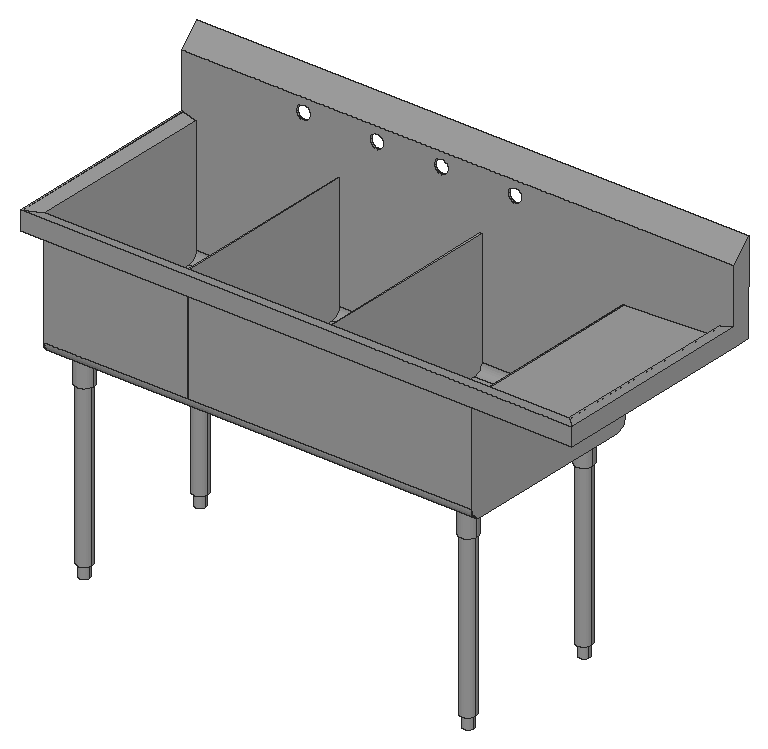
Revit family "equip-sink-elkay-Sturdibilt-TPL-DB-R", category Plumbing Fixtures, Revit 2019
Family settings
  Round Connector Dimension = Use Diameter
  Part Type = Normal
  Work Plane-Based = No
  Always vertical = Yes
  Cut with Voids When Loaded = No
  Shared = No
  Room Calculation Point = No
Parameters (values of type "ByType")
  Width = 2' - 0"
  URL = "http://www.elkayusa.com/cps/rde/xchg/elkay/hs.xsl/Default.aspx"
  Specification URL = "http://www.elkayusa.com/cps/rde/xbcr/elkay/04-04F_STURDIBILT_SCULLERY_TRIPLE.pdf"
  Model Number = " "
  Model = "Sturdibilt"
  Manufacturer = "Elkay Manufacturer"
  Length = 5' - 0"
  Hidden Width = if(Compartment Width > 0' 11", Width, (Backsplash Width + Sink Rim Front Width + Compartment Width))  # 2' - 0"
  Sink Rim Side Right Width = 0' - 1 1/2"  # constant formula
  Sink Material = Metal - Steel - Stainless - Chrome
  Sink Rim Side Left Width = 0' - 1 1/2"  # constant formula
  Hidden Compartment Width = Width - Sink Rim Front Width - Backsplash Width  # 1' - 8 1/2"
  Hidden Compartment Length = (Length - Drainboard Right) / 3  # 1' - 4"
  Drainboard Right = 1' - 0"
  Description = "Sturdibilt Triple Compartment Scullery Sinks, Drainboard Right"
  Compartment Length = if(Hidden Compartment Length > 0' 8 1/2", Hidden Compartment Length, 0' 8 1/2")  # 1' - 4"
  Hidden Length = if(Compartment Length > 0' 8 1/2", Length, (Drainboard Right + (Compartment Length * 3)))  # 5' - 0"
  Hidden Drainboard Right = if(Drainboard Right > 0' 2", Drainboard Right, 0' 2")  # 1' - 0"
  Sink Rim Front Width = 0' - 1 1/2"  # constant formula
  Backsplash Width = 0' - 2"  # constant formula
  Sink Drain Location = Compartment Width / 2  # 0' - 10 1/4"
  Compartment Depth = 1' - 2"
  Compartment Width = if(Hidden Compartment Width > 0' 11", Hidden Compartment Width, 0' 11")  # 1' - 8 1/2"
  Rim Height = 3' - 0"
  Hole 3 to 4 = 0' - 8"
  Hole 2 to 3 = 0' - 7"
  Hole 1 to 2 = 0' - 8"
  Hole 1 From CL = 0' - 11 1/2"
  Faucet CL from Top Backsplash = 0' - 3 1/2"
  Backsplash Height = 0' - 8"
Reference planes (in)
  plane 1 "CL Sink Hole": y = 0
  plane 2 "Bottom": z = 0
  plane 3 "Center (Left/Right)": x = 0
  plane 4 "Basin Edge Left": x = -23.25
  plane 5 "Basin Edge Right": x = 23.25
  plane 6 "Basin Edge Back": y = 10.25
  plane 7 "Basin Edge Front": y = -10.25
  plane 8 "Left": x = -24.75
  plane 9 "Right": x = 35.25
  plane 10 "Back": y = 12.25
  plane 11 "Front": y = -11.75
  plane 12 "Sink Bowl Bottom (Top Face)": z = 22
  plane 13 "Sink Bowl Bottom (Bottom Face)": z = 21.875
  plane 14 "Sink Bottom Piece Back Edge": y = 9.25
  plane 15 "Sink Bottom Piece Front Edge": y = -9.25
  plane 16 "Center (Front/Back)": y = 0
  plane 17 "Sink Rim Top": z = 36
  plane 18 "Sink Bowl Bottom Radius Top Tangent": z = 23
  plane 19 "Sink Rim Inside Lower Edge": z = 35.59808
  plane 20: z = 44
  plane 21 "Backsplash Angle": z = 42
  plane 22 "Backsplash Side Piece Front": y = 10.375
  plane 23 "Backsplash Side Piece Top": z = 43.82322
  plane 24 "Backsplash Side Piece Angle": z = 41.94822
  plane 25 "Backsplash Side Piece Bottom": z = 34
  plane 26 "Backsplash Side Right Piece Inside Edge": x = 35.1875
  plane 27 "Backsplash Side Left Piece Inside Edge": x = -24.6875
  plane 28 "Basin Edge Right Outside Face": x = 23.3125
  plane 29 "Basin Edge Left Outside Face": x = -23.3125
  plane 30 "Faucet Hole CL Elev": z = 40.5
  plane 31 "CL Faucet Hole Left": x = -11.5
  plane 32 "CL Faucet Hole Right": x = -3.5
  plane 33 "Leg Left CL": x = -20.875
  plane 34 "Leg Front CL": y = -7.875
  plane 35: z = 18.825
  plane 36: z = 1.3125
  plane 37 "Leg Right CL": x = 20.875
  plane 38 "Leg Back CL": y = 7.875
  plane 39 "Sink Rim Inside Edge Right": x = 33.75
  plane 40 "Drainboard Lower Top Face": z = 34
  plane 41 "Drainboard Upper Top Face": z = 34.5
  plane 42 "Sink Drain Left CL": x = -15.5
  plane 43 "Partition Edge Left": x = -7.82422
  plane 44 "Partition Edge Right": x = -7.67578
  plane 45 "Sink Drain Right CL": x = 15.5
  plane 46 "Partition Top": z = 35.47
  plane 47 "Partition Left CL": x = -7.75
  plane 48 "Partition Right CL": x = 7.75
  plane 49 "Partition Right - Left Edge": x = 7.675
  plane 50 "Partition Right - Right Edge": x = 7.825
  plane 51 "CL Faucet Hole2 Left": x = 3.5
  plane 52 "CL Faucet Hole2 Right": x = 11.5
  plane 53 "Basin Edge Front Outside": y = -10.375
  plane 54 "Basin Edge Back Outside": y = 10.375
Forms (in)
  Sweep 1, solid, material "Metal - Steel - Stainless - Chrome" <- "Sink Material"
    path origin (0, 0, 36) x (0, -1, 0) y (1, 0, 0)
      loop
        line (11.75, 23.25) -> (11.75, -24.75) -> (-10.375, -24.75)
    profile "profile-weldbilt-rim : profile-weldbilt-rim" origin (-24.75, -0.6875, 36) x (-1, 0, 0) y (0, 0, 1)
      loop
        line (-1.5, -0.40192) -> (-1.41389, -0.45164) -> (-0.07031, -0.09163) -> (-0.07031, -1.94605) -> (-0.42259, -2.04044) -> (-0.42259, -2.11323) -> (0, -2) -> (0, 0) -> (-1.5, -0.40192)
  Extrusion 2, solid, material "Metal - Steel - Stainless - Chrome" <- "Sink Material"
    sketch origin (0, 0, 0) x (0, 1, 0) y (0, 0, 1)
      loop
        line (-10.375, 35.59808) -> (-10.375, 23)
        arc (-10.375, 23) -> (-10.0455, 22.2045) -> (-9.25, 21.875) r 1.125
        line (-9.25, 21.875) -> (9.25, 21.875)
        arc (9.25, 21.875) -> (10.0455, 22.2045) -> (10.375, 23) r 1.125
        line (10.375, 23) -> (10.375, 34) -> (10.25, 34) -> (10.25, 23)
        arc (10.25, 23) -> (9.95711, 22.29289) -> (9.25, 22) r 1
        line (9.25, 22) -> (-9.25, 22)
        arc (-9.25, 22) -> (-9.95711, 22.29289) -> (-10.25, 23) r 1
        line (-10.25, 23) -> (-10.25, 35.59808) -> (-10.375, 35.59808)
    from -23.25 to 23.25
  Extrusion 3, solid, material "Metal - Steel - Stainless - Chrome" <- "Sink Material"
    sketch origin (0, 0, 0) x (0, 1, 0) y (0, 0, 1)
      loop
        line (10.25, 42) -> (10.25, 34) -> (10.375, 34) -> (10.375, 41.94822) -> (12.25, 43.82322) -> (12.25, 44) -> (10.25, 42)
    from -24.75 to 35.25
  Extrusion 4, solid, material "Metal - Steel - Stainless - Chrome" <- "Sink Material"
    sketch origin (35.25, 0, 0) x (0, 1, 0) y (0, 0, 1)
      loop
        line (12.25, 43.82322) -> (10.375, 41.94822) -> (10.375, 34) -> (12.25, 34) -> (12.25, 43.82322)
    from -0.0625 to 0
  Extrusion 5, solid, material "Metal - Steel - Stainless - Chrome" <- "Sink Material"
    sketch origin (-18, 0, 0) x (0, 1, 0) y (0, 0, 1)
      loop
        line (12.25, 43.82322) -> (10.375, 41.94822) -> (10.375, 34) -> (12.25, 34) -> (12.25, 43.82322)
    from -6.75 to -6.6875
  Extrusion 6, solid, material "Metal - Steel - Stainless - Chrome" <- "Sink Material"
    sketch origin (23.25, 0, 0) x (0, 1, 0) y (0, 0, 1)
      loop
        line (-10.375, 34) -> (-10.375, 23)
        arc (-10.375, 23) -> (-10.0455, 22.2045) -> (-9.25, 21.875) r 1.125
        line (-9.25, 21.875) -> (9.25, 21.875)
        arc (9.25, 21.875) -> (10.0455, 22.2045) -> (10.375, 23) r 1.125
        line (10.375, 23) -> (10.375, 34) -> (-10.375, 34)
    from 0 to 0.0625
  Extrusion 7, solid, material "Metal - Steel - Stainless - Chrome" <- "Sink Material"
    sketch origin (-23.25, 0, 0) x (0, 1, 0) y (0, 0, 1)
      loop
        line (10.375, 35.59808) -> (-10.375, 35.59808) -> (-10.375, 23)
        arc (-10.375, 23) -> (-10.0455, 22.2045) -> (-9.25, 21.875) r 1.125
        line (-9.25, 21.875) -> (9.25, 21.875)
        arc (9.25, 21.875) -> (10.0455, 22.2045) -> (10.375, 23) r 1.125
        line (10.375, 23) -> (10.375, 35.59808)
    from -0.0625 to 0
  Extrusion 8, void
    sketch origin (0, 0, 0) x (1, 0, 0) y (0, 0, 1)
      loop
        circle (-11.5, 40.5) r 0.75
    from -10.375 to -10.25
  Extrusion 9, void
    sketch origin (0, 0, 0) x (1, 0, 0) y (0, 0, 1)
      loop
        circle (-3.5, 40.5) r 0.75
    from -10.375 to -10.25
  Extrusion 10, void
    sketch origin (-45.27944, 78.60934, 0) x (1, 0, 0) y (0, 1, 0)
      loop
        circle (29.77944, -78.60934) r 2.375
    from 21.875 to 22
  Revolve 11, solid, material "Metal - Steel - Stainless - Chrome" <- "Sink Material"
    sketch origin (0, -7.875, 0) x (-1, 0, 0) y (0, 0, 1)
      loop
        line (21.6875, 18.825) -> (21.845, 18.825) -> (21.845, 21.875) -> (20.875, 21.875) -> (20.875, 0) -> (21.4375, 0) -> (21.4375, 1.3125) -> (21.6875, 1.3125) -> (21.6875, 18.825)
      axis (20.875, 21.875) -> (20.875, 0)
    angle from 0 to 360
  Revolve 12, solid, material "Metal - Steel - Stainless - Chrome" <- "Sink Material"
    sketch origin (0, -7.875, 0) x (-1, 0, 0) y (0, 0, 1)
      loop
        line (-21.6875, 18.825) -> (-21.6875, 1.3125) -> (-21.4375, 1.3125) -> (-21.4375, 0) -> (-20.875, 0) -> (-20.875, 21.875) -> (-21.845, 21.875) -> (-21.845, 18.825) -> (-21.6875, 18.825)
      axis (-20.875, 21.875) -> (-20.875, 0)
    angle from 0 to 360
  Revolve 13, solid, material "Metal - Steel - Stainless - Chrome" <- "Sink Material"
    sketch origin (0, 7.875, 0) x (-1, 0, 0) y (0, 0, 1)
      loop
        line (-21.6875, 18.825) -> (-21.6875, 1.3125) -> (-21.4375, 1.3125) -> (-21.4375, 0) -> (-20.875, 0) -> (-20.875, 21.875) -> (-21.845, 21.875) -> (-21.845, 18.825) -> (-21.6875, 18.825)
      axis (-20.875, 21.875) -> (-20.875, 0)
    angle from 0 to 360
  Revolve 14, solid, material "Metal - Steel - Stainless - Chrome" <- "Sink Material"
    sketch origin (0, 7.875, 0) x (-1, 0, 0) y (0, 0, 1)
      loop
        line (20.0625, 18.825) -> (20.0625, 1.3125) -> (20.3125, 1.3125) -> (20.3125, 0) -> (20.875, 0) -> (20.875, 21.875) -> (19.905, 21.875) -> (19.905, 18.825) -> (20.0625, 18.825)
      axis (20.875, 21.875) -> (20.875, 0)
    angle from 0 to 360
  Sweep 15, solid, material "Metal - Steel - Stainless - Chrome" <- "Sink Material"
    path origin (0, 0, 22) x (-1, 0, 0) y (0, -1, 0)
      loop
        circle (15.5, 0) r 2.375
    profile "profile-elkay-sink-hole-1 : profile-elkay-sink-hole-1" origin (-15.5, -2.375, 22) x (0, 1, 0) y (0, 0, 1)
      loop
        arc (0.10775, -0.05529) -> (0.06053, -0.01467) -> (0, 0) r 0.133
        line (0, 0) -> (0, -0.07422)
        arc (0, -0.07422) -> (0.0267, -0.08072) -> (0.04752, -0.09865) r 0.05878
        line (0.04752, -0.09865) -> (0.12152, -0.20143) -> (0.5715, -0.40832) -> (0.5715, -0.32577) -> (0.16939, -0.14089) -> (0.10775, -0.05529)
  Extrusion 16, solid, material "Metal - Steel - Stainless - Chrome" <- "Sink Material"
    sketch origin (0, 0, 0) x (1, 0, 0) y (0, 0, 1)
      loop
        line (23.25, 34) -> (23.25, 33.9257) -> (33.75, 34.4257) -> (33.75, 34.5) -> (23.25, 34)
    from -10.25 to 10.25
  Sweep 17, solid, material "Metal - Steel - Stainless - Chrome" <- "Sink Material"
    path origin (0, 0, 36) x (0, -1, 0) y (1, 0, 0)
      loop
        line (11.75, 23.25) -> (11.75, 35.25) -> (-10.25, 35.25)
    profile "profile-weldbilt-rim-db : profile-weldbilt-rim-db" origin (29.25, -11.75, 36) x (0, 1, 0) y (0, 0, 1)
      loop
        line (1.5, -0.40192) -> (0, 0) -> (0, -2) -> (0.42259, -2.11323) -> (0.42259, -2.04044) -> (0.07031, -1.94605) -> (0.07031, -0.09163) -> (1.4375, -0.45797) -> (1.4375, -2) -> (1.5, -2) -> (1.5, -0.40192)
  Extrusion 18, void
    sketch origin (0, 0, 0) x (1, 0, 0) y (0, 1, 0)
      loop
        circle (15.5, 0) r 2.375
    from 21.875 to 22
  Sweep 19, solid, material "Metal - Steel - Stainless - Chrome" <- "Sink Material"
    path origin (0, 0, 22) x (-1, 0, 0) y (0, -1, 0)
      loop
        circle (-15.5, 0) r 2.375
    profile "profile-elkay-sink-hole-1 : profile-elkay-sink-hole-1" origin (15.5, -2.375, 22) x (0, 1, 0) y (0, 0, 1)
      loop
        arc (0.10775, -0.05529) -> (0.06053, -0.01467) -> (0, 0) r 0.133
        line (0, 0) -> (0, -0.07422)
        arc (0, -0.07422) -> (0.0267, -0.08072) -> (0.04752, -0.09865) r 0.05878
        line (0.04752, -0.09865) -> (0.12152, -0.20143) -> (0.5715, -0.40832) -> (0.5715, -0.32577) -> (0.16939, -0.14089) -> (0.10775, -0.05529)
  Extrusion 20, solid, material "Metal - Steel - Stainless - Chrome" <- "Sink Material"
    sketch origin (0, 0, 0) x (0, 1, 0) y (0, 0, 1)
      loop
        line (-10.25, 35.47) -> (-10.25, 23)
        arc (-10.25, 23) -> (-9.95711, 22.29289) -> (-9.25, 22) r 1
        line (-9.25, 22) -> (9.25, 22)
        arc (9.25, 22) -> (9.95711, 22.29289) -> (10.25, 23) r 1
        line (10.25, 23) -> (10.25, 35.47) -> (-10.25, 35.47)
    from -7.82422 to -7.67578
  Extrusion 21, void
    sketch origin (0, 0, 0) x (1, 0, 0) y (0, 1, 0)
      loop
        circle (0, 0) r 2.375
    from 21.875 to 22
  Sweep 22, solid, material "Metal - Steel - Stainless - Chrome" <- "Sink Material"
    path origin (0, 0, 22) x (-1, 0, 0) y (0, -1, 0)
      loop
        circle (0, 0) r 2.375
    profile "profile-elkay-sink-hole-1 : profile-elkay-sink-hole-1" origin (0, -2.375, 22) x (0, 1, 0) y (0, 0, 1)
      loop
        arc (0.10775, -0.05529) -> (0.06053, -0.01467) -> (0, 0) r 0.133
        line (0, 0) -> (0, -0.07422)
        arc (0, -0.07422) -> (0.0267, -0.08072) -> (0.04752, -0.09865) r 0.05878
        line (0.04752, -0.09865) -> (0.12152, -0.20143) -> (0.5715, -0.40832) -> (0.5715, -0.32577) -> (0.16939, -0.14089) -> (0.10775, -0.05529)
  Extrusion 23, solid, material "Metal - Steel - Stainless - Chrome" <- "Sink Material"
    sketch origin (0, 0, 0) x (0, 1, 0) y (0, 0, 1)
      loop
        line (-10.25, 35.47) -> (-10.25, 23)
        arc (-10.25, 23) -> (-9.95711, 22.29289) -> (-9.25, 22) r 1
        line (-9.25, 22) -> (9.25, 22)
        arc (9.25, 22) -> (9.95711, 22.29289) -> (10.25, 23) r 1
        line (10.25, 23) -> (10.25, 35.47) -> (-10.25, 35.47)
    from 7.675 to 7.825
  Extrusion 24, void
    sketch origin (0, 0, 0) x (1, 0, 0) y (0, 0, 1)
      loop
        circle (3.5, 40.5) r 0.75
    from -10.375 to -10.25
  Extrusion 25, void
    sketch origin (0, 0, 0) x (1, 0, 0) y (0, 0, 1)
      loop
        circle (11.5, 40.5) r 0.75
    from -10.375 to -10.25
Cuts and joins
  Extrusion 10, Extrusion 18, Extrusion 21 cuts Extrusion 2
  Extrusion 8, Extrusion 9, Extrusion 24, Extrusion 25 cuts Extrusion 3
  Extrusion 10 cuts Extrusion 6
  joined: Sweep 1, Extrusion 2, Extrusion 3, Extrusion 4, Extrusion 5, Extrusion 6, Extrusion 7, Sweep 15, Sweep 17, Sweep 19, Sweep 22
Lines and regions (in)
  Masking region 1
    outline origin (0, 0, 0) x (1, 0, 0) y (0, 1, 0)
      loop
        line (-24.75, 12.25) -> (-24.75, -11.75) -> (35.25, -11.75) -> (35.25, 12.25) -> (-24.75, 12.25)
  reference lines
    curve 1: arc (0, -9.25, 22) -> (0, -9.95711, 22.29289) -> (0, -10.25, 23) r 1
    curve 2: arc (0, 10.25, 23) -> (0, 9.95711, 22.29289) -> (0, 9.25, 22) r 1
    curve 3: line (-20.875, -7.875, 21.875) -> (-20.875, -7.875, 0)
    curve 4: line (20.875, -7.875, 22) -> (20.875, -7.875, 0)
    curve 5: line (20.875, 7.875, 21.875) -> (20.875, 7.875, 0)
    curve 6: line (-20.875, 7.875, 21.875) -> (-20.875, 7.875, 0)
    curve 13: line (23.25, 0, 34) -> (33.75, 0, 34.5)
    curve 14: line (23.25165, 0, 33.92578) -> (33.75165, 0, 34.42578)
    curve 26: arc (0, 10.375, 23) -> (0, 10.0455, 22.2045) -> (0, 9.25, 21.875) r 1.125
    curve 27: arc (0, -10.375, 23) -> (0, -10.0455, 22.2045) -> (0, -9.25, 21.875) r 1.125
  symbolic lines
    curve 7: line (-24.75, 10.25, 0) -> (35.25, 10.25, 0)
    curve 8: line (-23.25, -10.25, 0) -> (-23.25, 10.25, 0)
    curve 9: line (33.75, -10.25, 0) -> (-23.25, -10.25, 0)
    curve 10: line (23.25, 10.25, 0) -> (23.25, -10.25, 0)
    curve 11: line (-23.25, -10.25, 0) -> (-24.75, -11.75, 0)
    curve 12: line (35.25, -11.75, 0) -> (33.75, -10.25, 0)
    curve 15: line (33.75, -10.25, 0) -> (33.75, 10.25, 0)
    curve 16: circle (-15.5, 0, 0) r 2.375 normal (0, 0, 1)
    curve 17: circle (-15.5, 0, 0) r 1.75 normal (0, 0, 1)
    curve 18: circle (15.5, 0, 0) r 2.375 normal (0, 0, 1)
    curve 19: circle (15.5, 0, 0) r 1.75 normal (0, 0, 1)
    curve 20: line (-7.82422, 10.25, 0) -> (-7.82422, -10.25, 0)
    curve 21: line (-7.67578, 10.25, 0) -> (-7.67578, -10.25, 0)
    curve 22: circle (0, 0, 0) r 2.375 normal (0, 0, 1)
    curve 23: circle (0, 0, 0) r 1.75 normal (0, 0, 1)
    curve 24: line (7.675, -10.25, 0) -> (7.675, 10.25, 0)
    curve 25: line (7.825, 10.25, 0) -> (7.825, -10.25, 0)
Dimensions and locks (in)
  equal spacing: plane 4 "Basin Edge Left", plane 3 "Center (Left/Right)", plane 5 "Basin Edge Right"
  "Sink Rim Side Left Width": plane 8 "Left" to plane 4 "Basin Edge Left"
  "Hidden Drainboard Right": plane 5 "Basin Edge Right" to plane 9 "Right"
  "Hidden Length": plane 8 "Left" to plane 9 "Right"
  "Sink Drain Location": plane 6 "Basin Edge Back" to plane 1 "CL Sink Hole"
  "Backsplash Width": plane 10 "Back" to plane 6 "Basin Edge Back"
  "Sink Rim Front Width": plane 7 "Basin Edge Front" to plane 11 "Front"
  "Hidden Width": plane 10 "Back" to plane 11 "Front"
  locked: plane 15 "Sink Bottom Piece Front Edge" to plane 7 "Basin Edge Front" at 1
  locked: plane 6 "Basin Edge Back" to plane 14 "Sink Bottom Piece Back Edge" at 1
  plane 6 "Basin Edge Back" to plane 7 "Basin Edge Front" = 1' - 8 1/2"
  equal spacing: plane 6 "Basin Edge Back", plane 16 "Center (Front/Back)", plane 7 "Basin Edge Front"
  "Compartment Depth": plane 17 "Sink Rim Top" to plane 12 "Sink Bowl Bottom (Top Face)"
  "Rim Height": plane 17 "Sink Rim Top" to plane 2 "Bottom"
  locked: plane 18 "Sink Bowl Bottom Radius Top Tangent" to plane 12 "Sink Bowl Bottom (Top Face)" at 1
  locked: plane 17 "Sink Rim Top" to plane 19 "Sink Rim Inside Lower Edge" at 0.40192
  "Backsplash Height": plane 20 to plane 17 "Sink Rim Top"
  locked: plane 20 to plane 21 "Backsplash Angle" at 2
  locked: plane 20 to plane 23 "Backsplash Side Piece Top" at 0.17678
  locked: plane 6 "Basin Edge Back" to plane 22 "Backsplash Side Piece Front" at 0.125
  locked: plane 21 "Backsplash Angle" to plane 24 "Backsplash Side Piece Angle" at 0.05178
  locked: plane 26 "Backsplash Side Right Piece Inside Edge" to plane 9 "Right" at 0.0625
  locked: plane 8 "Left" to plane 27 "Backsplash Side Left Piece Inside Edge" at 0.0625
  locked: plane 5 "Basin Edge Right" to plane 28 "Basin Edge Right Outside Face" at 0.0625
  plane 29 "Basin Edge Left Outside Face" to plane 4 "Basin Edge Left" = 0' - 0 1/16"
  locked: plane 17 "Sink Rim Top" to plane 25 "Backsplash Side Piece Bottom" at 2
  locked: plane 34 "Leg Front CL" to plane 7 "Basin Edge Front" at 2.375
  locked: plane 4 "Basin Edge Left" to plane 33 "Leg Left CL" at 2.375
  "Hole 1 From CL": plane 31 "CL Faucet Hole Left" to plane 3 "Center (Left/Right)"
  "Hole 1 to 2": plane 31 "CL Faucet Hole Left" to plane 32 "CL Faucet Hole Right"
  locked: plane 12 "Sink Bowl Bottom (Top Face)" to plane 13 "Sink Bowl Bottom (Bottom Face)" at 0.125
  locked: plane 12 "Sink Bowl Bottom (Top Face)" to plane 35 at 3.175
  locked: plane 36 to plane 2 "Bottom" at 1.3125
  "Faucet CL from Top Backsplash": plane 20 to plane 30 "Faucet Hole CL Elev"
  locked: plane 37 "Leg Right CL" to plane 5 "Basin Edge Right" at 2.375
  locked: plane 6 "Basin Edge Back" to plane 38 "Leg Back CL" at 2.375
  "Sink Rim Side Right Width": plane 39 "Sink Rim Inside Edge Right" to plane 9 "Right"
  locked: plane 17 "Sink Rim Top" to plane 41 "Drainboard Upper Top Face" at 1.5
  locked: plane 17 "Sink Rim Top" to plane 40 "Drainboard Lower Top Face" at 2
  equal spacing: plane 48 "Partition Right CL", plane 45 "Sink Drain Right CL", plane 5 "Basin Edge Right"
  equal spacing: plane 4 "Basin Edge Left", plane 42 "Sink Drain Left CL", plane 47 "Partition Left CL"
  locked: plane 17 "Sink Rim Top" to plane 46 "Partition Top" at 0.53
  equal spacing: plane 4 "Basin Edge Left", plane 47 "Partition Left CL", plane 48 "Partition Right CL", plane 5 "Basin Edge Right"
  equal spacing: plane 43 "Partition Edge Left", plane 47 "Partition Left CL", plane 44 "Partition Edge Right"
  locked: plane 43 "Partition Edge Left" to plane 44 "Partition Edge Right" at 0.14844
  equal spacing: plane 49 "Partition Right - Left Edge", plane 48 "Partition Right CL", plane 50 "Partition Right - Right Edge"
  locked: plane 49 "Partition Right - Left Edge" to plane 50 "Partition Right - Right Edge" at 0.15
  "Hole 2 to 3": plane 32 "CL Faucet Hole Right" to plane 51 "CL Faucet Hole2 Left"
  "Hole 3 to 4": plane 51 "CL Faucet Hole2 Left" to plane 52 "CL Faucet Hole2 Right"
  locked: plane 53 "Basin Edge Front Outside" to plane 7 "Basin Edge Front" at 0.125
  locked: plane 6 "Basin Edge Back" to plane 54 "Basin Edge Back Outside" at 0.125
  locked: nested 1 to plane 9 "Right" at 4
  locked: plane 10 "Back" to nested 1 at 1
  aligned and locked: Extrusion 2 sketch curve to plane 6 "Basin Edge Back"
  aligned and locked: Extrusion 2 sketch curve to curve 2
  aligned and locked: Extrusion 2 sketch curve to curve 1
  aligned and locked: plane 5 "Basin Edge Right" to Extrusion 2
  aligned and locked: Extrusion 2 to plane 4 "Basin Edge Left"
  aligned and locked: Extrusion 2 sketch curve to plane 19 "Sink Rim Inside Lower Edge"
  aligned and locked: Extrusion 3 sketch curve to plane 10 "Back"
  aligned and locked: Extrusion 3 sketch curve to plane 6 "Basin Edge Back"
  aligned and locked: plane 9 "Right" to Extrusion 3
  aligned and locked: Extrusion 3 to plane 8 "Left"
  aligned and locked: plane 10 "Back" to Extrusion 4 sketch curve
  aligned and locked: Extrusion 4 sketch curve to plane 25 "Backsplash Side Piece Bottom"
  aligned and locked: Extrusion 4 sketch curve to plane 22 "Backsplash Side Piece Front"
  aligned and locked: Extrusion 4 to plane 26 "Backsplash Side Right Piece Inside Edge"
  aligned and locked: plane 9 "Right" to Extrusion 4
  aligned and locked: plane 22 "Backsplash Side Piece Front" to Sweep 1 sketch curve
  aligned and locked: Extrusion 5 sketch curve to plane 10 "Back"
  aligned and locked: plane 22 "Backsplash Side Piece Front" to Extrusion 5 sketch curve
  aligned and locked: plane 25 "Backsplash Side Piece Bottom" to Extrusion 5 sketch curve
  aligned and locked: plane 27 "Backsplash Side Left Piece Inside Edge" to Extrusion 5
  aligned and locked: Extrusion 5 to plane 8 "Left"
  aligned and locked: Extrusion 6 to plane 5 "Basin Edge Right"
  aligned and locked: plane 28 "Basin Edge Right Outside Face" to Extrusion 6
  aligned and locked: Extrusion 7 sketch curve to plane 19 "Sink Rim Inside Lower Edge"
  aligned and locked: Extrusion 7 to plane 29 "Basin Edge Left Outside Face"
  aligned and locked: plane 4 "Basin Edge Left" to Extrusion 7
  aligned and locked: plane 22 "Backsplash Side Piece Front" to Extrusion 9
  aligned and locked: Extrusion 9 to plane 6 "Basin Edge Back"
  aligned and locked: plane 22 "Backsplash Side Piece Front" to Extrusion 8
  aligned: Extrusion 8 to plane 14 "Sink Bottom Piece Back Edge"
  aligned and locked: Extrusion 8 to plane 6 "Basin Edge Back"
  aligned and locked: plane 12 "Sink Bowl Bottom (Top Face)" to Extrusion 10
  aligned and locked: Extrusion 10 to plane 13 "Sink Bowl Bottom (Bottom Face)"
  aligned and locked: Revolve 11 sketch curve to plane 13 "Sink Bowl Bottom (Bottom Face)"
  aligned and locked: Revolve 11 sketch curve to curve 3
  aligned and locked: curve 4 to plane 37 "Leg Right CL"
  aligned and locked: plane 12 "Sink Bowl Bottom (Top Face)" to curve 4
  aligned and locked: plane 2 "Bottom" to curve 4
  aligned and locked: Revolve 12 sketch curve to plane 36
  aligned and locked: Revolve 12 sketch curve to plane 35
  aligned and locked: plane 2 "Bottom" to Revolve 12 sketch curve  (x3)
  aligned and locked: plane 13 "Sink Bowl Bottom (Bottom Face)" to Revolve 12 sketch curve  (x2)
  aligned and locked: curve 4 to Revolve 12 sketch curve  (x2)
  aligned and locked: Revolve 13 sketch curve to plane 2 "Bottom"
  aligned and locked: plane 36 to Revolve 13 sketch curve
  aligned and locked: plane 35 to Revolve 13 sketch curve
  aligned and locked: Revolve 13 sketch curve to plane 13 "Sink Bowl Bottom (Bottom Face)"
  aligned and locked: plane 37 "Leg Right CL" to Revolve 13 sketch curve
  aligned and locked: Revolve 13 sketch curve to curve 5
  aligned and locked: Revolve 14 sketch curve to plane 2 "Bottom"
  aligned and locked: plane 36 to Revolve 14 sketch curve
  aligned and locked: plane 35 to Revolve 14 sketch curve
  aligned and locked: Revolve 14 sketch curve to plane 13 "Sink Bowl Bottom (Bottom Face)"
  aligned and locked: plane 33 "Leg Left CL" to Revolve 14 sketch curve
  aligned and locked: plane 2 "Bottom" to Revolve 14 sketch curve
  aligned and locked: Revolve 14 sketch curve to plane 33 "Leg Left CL"
  aligned and locked: Masking region 1 sketch curve to plane 10 "Back"
  aligned and locked: plane 8 "Left" to Masking region 1 sketch curve
  aligned and locked: Masking region 1 sketch curve to plane 9 "Right"
  aligned and locked: plane 11 "Front" to Masking region 1 sketch curve
  aligned and locked: cut or joined group of Sweep 1, Extrusion 2, Extrusion 3, Extrusion 4, Extrusion 5, Extrusion 6, Extrusion 7, Extrusion 8, Extrusion 9, Extrusion 10, Sweep 15, Sweep 17, Extrusion 18, Sweep 19, Extrusion 21, Sweep 22, Extrusion 24, Extrusion 25 to plane 5 "Basin Edge Right"
  aligned and locked: plane 7 "Basin Edge Front" to curve 9
  aligned and locked: plane 4 "Basin Edge Left" to curve 8
  aligned and locked: curve 7 to plane 6 "Basin Edge Back"
  aligned and locked: plane 8 "Left" to curve 7
  aligned and locked: plane 9 "Right" to curve 7
  aligned and locked: Extrusion 6 sketch curve to plane 40 "Drainboard Lower Top Face"
  aligned and locked: Extrusion 16 sketch curve to curve 13
  aligned and locked: plane 5 "Basin Edge Right" to Extrusion 16 sketch curve
  aligned and locked: Extrusion 16 sketch curve to plane 39 "Sink Rim Inside Edge Right"
  aligned and locked: Extrusion 16 sketch curve to curve 14
  aligned and locked: plane 6 "Basin Edge Back" to Extrusion 16
  aligned and locked: Extrusion 16 to plane 7 "Basin Edge Front"
  aligned and locked: Extrusion 2 sketch curve to plane 40 "Drainboard Lower Top Face"
  aligned and locked: Extrusion 3 sketch curve to plane 40 "Drainboard Lower Top Face"
  aligned and locked: plane 5 "Basin Edge Right" to Sweep 1 sketch curve
  aligned and locked: Sweep 17 sketch curve to plane 11 "Front"
  aligned and locked: plane 9 "Right" to Sweep 17 sketch curve
  aligned and locked: plane 5 "Basin Edge Right" to Sweep 17 sketch curve
  aligned and locked: plane 6 "Basin Edge Back" to Sweep 17 sketch curve
  aligned and locked: plane 12 "Sink Bowl Bottom (Top Face)" to Extrusion 18
  aligned and locked: Extrusion 18 to plane 13 "Sink Bowl Bottom (Bottom Face)"
  aligned and locked: Extrusion 20 sketch curve to plane 46 "Partition Top"
  aligned and locked: Extrusion 20 sketch curve to plane 6 "Basin Edge Back"
  aligned and locked: Extrusion 20 sketch curve to curve 1
  aligned and locked: Extrusion 20 sketch curve to curve 2
  aligned and locked: Extrusion 20 to plane 43 "Partition Edge Left"
  aligned and locked: plane 44 "Partition Edge Right" to Extrusion 20
  aligned and locked: plane 12 "Sink Bowl Bottom (Top Face)" to Extrusion 21
  aligned and locked: Extrusion 21 to plane 13 "Sink Bowl Bottom (Bottom Face)"
  aligned and locked: Extrusion 23 sketch curve to plane 46 "Partition Top"
  aligned and locked: Extrusion 23 sketch curve to plane 6 "Basin Edge Back"
  aligned and locked: Extrusion 23 sketch curve to curve 1
  aligned and locked: Extrusion 23 sketch curve to curve 2
  aligned and locked: plane 50 "Partition Right - Right Edge" to Extrusion 23
  aligned and locked: Extrusion 23 to plane 49 "Partition Right - Left Edge"
  aligned and locked: plane 22 "Backsplash Side Piece Front" to Extrusion 24
  aligned and locked: Extrusion 24 to plane 6 "Basin Edge Back"
  aligned and locked: plane 22 "Backsplash Side Piece Front" to Extrusion 25
  aligned and locked: Extrusion 25 to plane 6 "Basin Edge Back"
  aligned and locked: Extrusion 6 sketch curve to plane 53 "Basin Edge Front Outside"
  aligned and locked: Extrusion 6 sketch curve to plane 54 "Basin Edge Back Outside"
  aligned and locked: Extrusion 6 sketch curve to curve 26
  aligned and locked: Extrusion 6 sketch curve to curve 27
  aligned and locked: Extrusion 7 sketch curve to plane 53 "Basin Edge Front Outside"
  aligned and locked: Extrusion 7 sketch curve to curve 27
  aligned and locked: Extrusion 7 sketch curve to plane 54 "Basin Edge Back Outside"
  aligned and locked: Extrusion 7 sketch curve to curve 26
Automatic sketch dimensions
  Extrusion 2 sketch curve to Extrusion 2 sketch curve = 0' - 0"  (x4)
  Extrusion 2 sketch curve to plane 22 "Backsplash Side Piece Front" = 0' - 0"
  Extrusion 3 sketch curve to plane 22 "Backsplash Side Piece Front" = 0' - 0"
  Extrusion 3 sketch curve to plane 24 "Backsplash Side Piece Angle" = 0' - 0"
  Extrusion 3 sketch curve to plane 21 "Backsplash Angle" = 0' - 0"
  Extrusion 3 sketch curve to plane 23 "Backsplash Side Piece Top" = 0' - 0"
  Extrusion 3 sketch curve to plane 20 = 0' - 0"
  Extrusion 4 sketch curve to plane 24 "Backsplash Side Piece Angle" = 0' - 0"
  Extrusion 4 sketch curve to plane 23 "Backsplash Side Piece Top" = 0' - 0"
  Extrusion 5 sketch curve to plane 24 "Backsplash Side Piece Angle" = 0' - 0"
  Extrusion 5 sketch curve to plane 23 "Backsplash Side Piece Top" = 0' - 0"
  Extrusion 8 sketch curve to plane 30 "Faucet Hole CL Elev" = 0' - 0"
  Extrusion 8 sketch curve to plane 31 "CL Faucet Hole Left" = 0' - 0"
  Extrusion 9 sketch curve to plane 30 "Faucet Hole CL Elev" = 0' - 0"
  Extrusion 9 sketch curve to plane 32 "CL Faucet Hole Right" = 0' - 0"
  curve 3 to level = 0' - 0"
  curve 3 to plane 33 "Leg Left CL" = 0' - 0"
  curve 3 to plane 13 "Sink Bowl Bottom (Bottom Face)" = 0' - 0"
  Revolve 11 sketch curve to plane 33 "Leg Left CL" = 0' - 0"
  Revolve 11 sketch curve to level = 0' - 0"  (x2)
  Revolve 11 sketch curve to plane 36 = 0' - 0"
  Revolve 11 sketch curve to plane 35 = 0' - 0"
  Revolve 11 sketch curve to plane 13 "Sink Bowl Bottom (Bottom Face)" = 0' - 0"
  Revolve 11 sketch curve to Revolve 11 sketch curve = 0' - 0 9/16"
  Revolve 11 sketch curve to Revolve 11 sketch curve = 0' - 0 1/4"
  Revolve 11 sketch curve to Revolve 11 sketch curve = 0' - 0.1575"
  plane 37 "Leg Right CL" to Revolve 12 sketch curve = 0' - 0 9/16"
  plane 37 "Leg Right CL" to Revolve 12 sketch curve = 0' - 0 13/16"
  Revolve 12 sketch curve to Revolve 12 sketch curve = 0' - 0.1575"
  curve 5 to level = 0' - 0"
  curve 5 to plane 37 "Leg Right CL" = 0' - 0"
  curve 5 to plane 13 "Sink Bowl Bottom (Bottom Face)" = 0' - 0"
  Revolve 13 sketch curve to level = 0' - 0"
  Revolve 13 sketch curve to plane 13 "Sink Bowl Bottom (Bottom Face)" = 0' - 0"
  plane 37 "Leg Right CL" to Revolve 13 sketch curve = 0' - 0 9/16"
  Revolve 13 sketch curve to Revolve 13 sketch curve = 0' - 0 1/4"
  Revolve 13 sketch curve to Revolve 13 sketch curve = 0' - 0.97"
  Revolve 14 sketch curve to plane 13 "Sink Bowl Bottom (Bottom Face)" = 0' - 0"
  plane 33 "Leg Left CL" to Revolve 14 sketch curve = 0' - 0 9/16"
  Revolve 14 sketch curve to Revolve 14 sketch curve = 0' - 0 1/4"
  Revolve 14 sketch curve to Revolve 14 sketch curve = 0' - 0.97"
  curve 6 to level = 0' - 0"
  curve 6 to plane 33 "Leg Left CL" = 0' - 0"
  curve 6 to plane 13 "Sink Bowl Bottom (Bottom Face)" = 0' - 0"
  curve 13 to plane 39 "Sink Rim Inside Edge Right" = 0' - 0"
  curve 13 to plane 5 "Basin Edge Right" = 0' - 0"
  curve 13 to plane 25 "Backsplash Side Piece Bottom" = 0' - 0"
  curve 13 to plane 41 "Drainboard Upper Top Face" = 0' - 0"
  plane 39 "Sink Rim Inside Edge Right" to curve 14 = 0' - 0.00165"
  plane 5 "Basin Edge Right" to curve 14 = 0' - 0.00165"
  Sweep 1 sketch curve to plane 8 "Left" = 0' - 0"
  Sweep 1 sketch curve to plane 11 "Front" = 0' - 0"
  plane 1 "CL Sink Hole" to Sweep 15 sketch curve = 0' - 0"
  Sweep 15 sketch curve to plane 42 "Sink Drain Left CL" = 0' - 0"
  plane 1 "CL Sink Hole" to Extrusion 10 sketch curve = 0' - 0"
  Extrusion 10 sketch curve to plane 42 "Sink Drain Left CL" = 0' - 0"
  plane 1 "CL Sink Hole" to Extrusion 18 sketch curve = 0' - 0"
  Extrusion 18 sketch curve to plane 45 "Sink Drain Right CL" = 0' - 0"
  plane 1 "CL Sink Hole" to Sweep 19 sketch curve = 0' - 0"
  Sweep 19 sketch curve to plane 45 "Sink Drain Right CL" = 0' - 0"
  plane 1 "CL Sink Hole" to Extrusion 21 sketch curve = 0' - 0"
  Extrusion 21 sketch curve to plane 3 "Center (Left/Right)" = 0' - 0"
  plane 1 "CL Sink Hole" to Sweep 22 sketch curve = 0' - 0"
  Sweep 22 sketch curve to plane 3 "Center (Left/Right)" = 0' - 0"
  Extrusion 24 sketch curve to plane 30 "Faucet Hole CL Elev" = 0' - 0"
  Extrusion 24 sketch curve to plane 51 "CL Faucet Hole2 Left" = 0' - 0"
  Extrusion 25 sketch curve to plane 30 "Faucet Hole CL Elev" = 0' - 0"
  Extrusion 25 sketch curve to plane 52 "CL Faucet Hole2 Right" = 0' - 0"
  curve 16 to curve 17 = 0' - 0"  (x2)
  curve 18 to curve 19 = 0' - 0"  (x2)
  curve 22 to curve 23 = 0' - 0"  (x2)
  curve 11 to plane 8 "Left" = 0' - 0"
  plane 1 "CL Sink Hole" to curve 16 = 0' - 0"
  curve 16 to plane 42 "Sink Drain Left CL" = 0' - 0"
  curve 20 to plane 43 "Partition Edge Left" = 0' - 0"
  curve 21 to plane 44 "Partition Edge Right" = 0' - 0"
  plane 1 "CL Sink Hole" to curve 22 = 0' - 0"
  curve 22 to plane 3 "Center (Left/Right)" = 0' - 0"
  curve 24 to plane 49 "Partition Right - Left Edge" = 0' - 0"
  curve 25 to plane 50 "Partition Right - Right Edge" = 0' - 0"
  plane 1 "CL Sink Hole" to curve 18 = 0' - 0"
  curve 18 to plane 45 "Sink Drain Right CL" = 0' - 0"
  curve 10 to plane 5 "Basin Edge Right" = 0' - 0"
  curve 9 to plane 39 "Sink Rim Inside Edge Right" = 0' - 0"
  curve 12 to plane 9 "Right" = 0' - 0"
  curve 11 to plane 11 "Front" = 0' - 0"
  plane 11 "Front" to curve 12 = 0' - 0"
  curve 1 to curve 27 = 0' - 0"  (x2)
  curve 2 to curve 26 = 0' - 0"  (x2)
  curve 27 to plane 18 "Sink Bowl Bottom Radius Top Tangent" = 0' - 0"
  curve 27 to plane 53 "Basin Edge Front Outside" = 0' - 0"
  curve 1 to plane 7 "Basin Edge Front" = 0' - 0"
  curve 1 to plane 12 "Sink Bowl Bottom (Top Face)" = 0' - 0"
  curve 26 to plane 14 "Sink Bottom Piece Back Edge" = 0' - 0"
  curve 2 to plane 6 "Basin Edge Back" = 0' - 0"
  curve 26 to plane 18 "Sink Bowl Bottom Radius Top Tangent" = 0' - 0"
  curve 26 to plane 22 "Backsplash Side Piece Front" = 0' - 0"
  curve 14 to plane 25 "Backsplash Side Piece Bottom" = 0' - 0 19/256"
  curve 14 to plane 41 "Drainboard Upper Top Face" = 0' - 0 19/256"
  radius of Extrusion 8 sketch curve = 0' - 0 3/4"
  radius of Extrusion 9 sketch curve = 0' - 0 3/4"
  radius of Sweep 15 sketch curve = 0' - 2 3/8"
  radius of Extrusion 10 sketch curve = 0' - 2 3/8"
  radius of Extrusion 18 sketch curve = 0' - 2 3/8"
  radius of Sweep 19 sketch curve = 0' - 2 3/8"
  radius of Extrusion 21 sketch curve = 0' - 2 3/8"
  radius of Sweep 22 sketch curve = 0' - 2 3/8"
  radius of Extrusion 24 sketch curve = 0' - 0 3/4"
  radius of Extrusion 25 sketch curve = 0' - 0 3/4"
  radius of curve 16 = 0' - 2 3/8"
  radius of curve 17 = 0' - 1 3/4"
  radius of curve 18 = 0' - 2 3/8"
  radius of curve 19 = 0' - 1 3/4"
  radius of curve 22 = 0' - 2 3/8"
  radius of curve 23 = 0' - 1 3/4"
Nested families (in)
  nested 1: "logo-elkay-detail" at (31.25, 11.25, 0), type "logo-elkay-detail"
Definition of nested family "logo-elkay-detail"
  Reference planes (in)
    plane 1 "Center (Front/Back)": y = 0
    plane 2: z = 0
    plane 3 "Center (Left/Right)": x = 0
  Lines and regions (in)
    detail lines, in view "Ref. Level"
      curve 1: line (-1.81545, 0.37736, 0) -> (-2.86608, 0.37736, 0)
      curve 2: line (-2.86608, 0.37736, 0) -> (-2.99916, -0.37736, 0)
      curve 3: line (-2.99916, -0.37736, 0) -> (-1.89769, -0.37736, 0)
      curve 4: line (-1.89769, -0.37736, 0) -> (-1.87836, -0.26772, 0)
      curve 5: line (-1.87836, -0.26772, 0) -> (-2.75664, -0.26772, 0)
      curve 6: line (-2.75664, -0.26772, 0) -> (-2.71915, -0.05507, 0)
      curve 7: line (-2.71915, -0.05507, 0) -> (-1.94254, -0.05507, 0)
      curve 8: line (-1.94254, -0.05507, 0) -> (-1.92312, 0.05507, 0)
      curve 9: line (-1.92312, 0.05507, 0) -> (-2.71407, 0.05507, 0)
      curve 10: line (-2.71407, 0.05507, 0) -> (-2.67657, 0.26772, 0)
      curve 11: line (-2.67657, 0.26772, 0) -> (-1.83479, 0.26772, 0)
      curve 12: line (-1.83479, 0.26772, 0) -> (-1.81545, 0.37736, 0)
      curve 13: line (-1.55864, -0.26772, 0) -> (-1.44489, 0.37736, 0)
      curve 14: line (-1.44489, 0.37736, 0) -> (-1.65384, 0.37736, 0)
      curve 15: line (-1.65384, 0.37736, 0) -> (-1.78692, -0.37736, 0)
      curve 16: line (-1.78692, -0.37736, 0) -> (-0.81843, -0.37736, 0)
      curve 17: line (-0.81843, -0.37736, 0) -> (-0.7991, -0.26772, 0)
      curve 18: line (-0.7991, -0.26772, 0) -> (-1.55864, -0.26772, 0)
      curve 19: line (-0.70839, -0.37736, 0) -> (-0.57531, 0.37736, 0)
      curve 20: line (-0.57531, 0.37736, 0) -> (-0.36636, 0.37736, 0)
      curve 21: line (-0.36636, 0.37736, 0) -> (-0.44053, -0.04327, 0)
      curve 22: line (-0.44053, -0.04327, 0) -> (0.30095, 0.37736, 0)
      curve 23: line (0.30095, 0.37736, 0) -> (0.59826, 0.37736, 0)
      curve 24: line (0.59826, 0.37736, 0) -> (0.025, 0.05216, 0)
      curve 25: line (0.025, 0.05216, 0) -> (0.49251, -0.37736, 0)
      curve 26: line (0.49251, -0.37736, 0) -> (0.1672, -0.37736, 0)
      curve 27: line (0.1672, -0.37736, 0) -> (-0.17613, -0.06193, 0)
      curve 28: line (-0.17613, -0.06193, 0) -> (-0.47357, -0.23067, 0)
      curve 29: line (-0.47357, -0.23067, 0) -> (-0.49944, -0.37736, 0)
      curve 30: line (-0.49944, -0.37736, 0) -> (-0.70839, -0.37736, 0)
      curve 31: line (1.55597, -0.12503, 0) -> (1.3377, 0.32386, 0)
      curve 32: line (1.3377, 0.32386, 0) -> (0.94493, -0.12503, 0)
      curve 33: line (0.94493, -0.12503, 0) -> (1.55597, -0.12503, 0)
      curve 34: line (1.55608, 0.37736, 0) -> (1.92307, -0.37736, 0)
      curve 35: line (1.92307, -0.37736, 0) -> (1.67867, -0.37736, 0)
      curve 36: line (1.67867, -0.37736, 0) -> (1.60734, -0.23067, 0)
      curve 37: line (1.60734, -0.23067, 0) -> (0.8525, -0.23067, 0)
      curve 38: line (0.8525, -0.23067, 0) -> (0.72414, -0.37736, 0)
      curve 39: line (0.72414, -0.37736, 0) -> (0.52921, -0.37736, 0)
      curve 40: line (0.52921, -0.37736, 0) -> (1.1896, 0.37736, 0)
      curve 41: line (1.1896, 0.37736, 0) -> (1.55608, 0.37736, 0)
      curve 42: line (1.98079, 0.37736, 0) -> (2.29994, 0.03841, 0)
      curve 43: line (2.29994, 0.03841, 0) -> (2.75395, 0.37736, 0)
      curve 44: line (2.75395, 0.37736, 0) -> (2.99916, 0.37736, 0)
      curve 45: line (2.99916, 0.37736, 0) -> (2.38123, -0.08397, 0)
      curve 46: line (2.38123, -0.08397, 0) -> (2.3295, -0.37736, 0)
      curve 47: line (2.3295, -0.37736, 0) -> (2.10632, -0.37736, 0)
      curve 48: line (2.10632, -0.37736, 0) -> (2.15092, -0.12442, 0)
      curve 49: line (2.15092, -0.12442, 0) -> (1.67845, 0.37736, 0)
      curve 50: line (1.67845, 0.37736, 0) -> (1.98079, 0.37736, 0)
